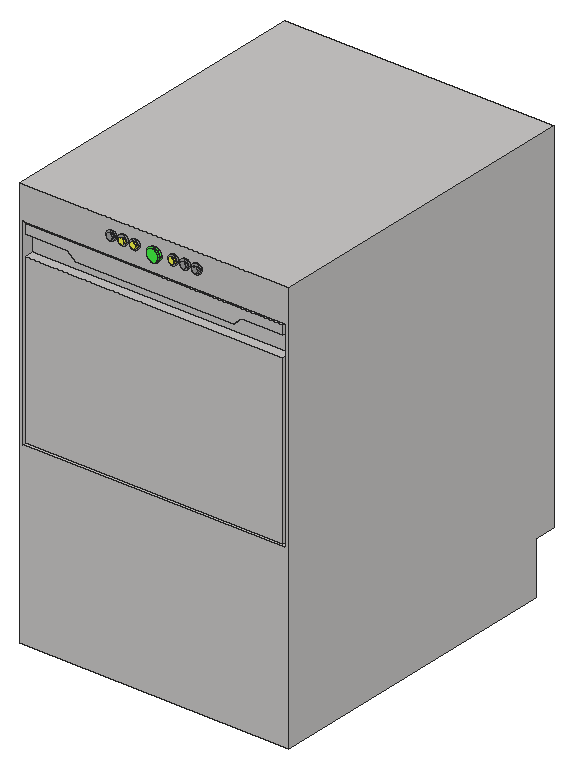
Revit family "QF_ELECTROLUXPROFESSIONAL_402230_ESDIAG", category Specialty Equipment, Revit 2018
Family settings
  Round Connector Dimension = Use Diameter
  Part Type = Normal
  Work Plane-Based = No
  Always vertical = Yes
  Cut with Voids When Loaded = No
  Shared = No
  Room Calculation Point = No
Parameters
  Weight = 37.00 kg
  Watts = 0 W
  Volts = 0 V
  URL Manufacturer = ""
  URL = "http://professional.electrolux.com/"
  Steam Supply Size = 0 mm
  Steam Supply Minimum Pressure = 0.0 Pa
  Steam Supply Maximum Pressure = 0.0 Pa
  Steam Pounds per Hour = 0
  Show Logo [instance] = yes
  Show Clearance [instance] = yes
  Refrigeration Suction Line Size = 0 mm
  Refrigeration Liquid Line Size = 0 mm
  Refrigerant Compressor Remote = yes
  Manufacturer = ""
  Phase = 0
  Model = ""
  Length Actual = 460 mm  # constant formula
  Item Number = ""
  Hot Water Size = 0 mm
  Height Actual = 715 mm  # constant formula
  HP = "4.4 HP"
  Gas Size = 0 mm
  Gas KW = 0
  Gas Input Pressure = 0 W
  Direct Waste Size = 27 mm
  Description = ""
  Depth Actual = 565 mm  # constant formula
  Cycle = 0 Hz
  Condensate Return Size = 0 mm
  Compressed Air Volume = 0.0 L/s
  Compressed Air Size = 0 mm
  Compressed Air Pressure = 0.0 Pa
  Cold Water Size = 0 mm
  Accessory = yes
Types (2, lengths in mm): name | Volts | URL Manufacturer | URL | Manufacturer | Phase | Model | Item Number | Description | Cycle | Cold Water Size
  (no name) | 0 V | "" | "http://professional.electrolux.com/" | "" | 0 | "" | "" | "" | 0 Hz | 0
  Standard | 220 V | "http://professional.electrolux.com" | "http://professional.electrolux.com" | "Electrolux Professional" | 1 | "ESDIAG" | "402230" | "GLASSWASHER(S), INS. DOUBLE SKIN, WASH-SAFE, DP, DD, 30B/H" | 50 Hz | 19.05
Reference planes
  plane 1 "Center (Front/Back)": y = 0
  plane 2: z = 0
  plane 3 "Center (Left/Right)": x = 0
  plane 4 "LEFT": x = -230
  plane 5 "RIGHT": x = 230
  plane 6 "FRONT": y = -282.5
  plane 7 "BACK": y = 282.5
  plane 8: x = -202.5
  plane 9: x = 202.5
  plane 10: z = 715
  plane 11: z = 10
Forms (mm)
  Extrusion 1, solid, material "QF_Finishes_Stainless Steel"
    sketch origin (0, 0, 0) x (1, 0, 0) y (0, 1, 0)
      loop
        line (-230, -282.5) -> (230, -282.5) -> (230, 243.5) -> (-230, 243.5) -> (-230, -282.5)
    from 10 to 715
  Extrusion 2, solid, material "QF_Finishes_Stainless Steel"
    sketch origin (0, 0, 0) x (1, 0, 0) y (0, 1, 0)
      loop
        line (-230, 243.5) -> (230, 243.5) -> (230, 282.5) -> (-230, 282.5) -> (-230, 243.5)
    from 100 to 715
  Extrusion 3, solid, material "QF_Finishes_Stainless Steel"
    sketch origin (0, 0, 0) x (1, 0, 0) y (0, 1, 0)
      loop
        circle (-202.5, 184.5) r 12.5
      loop
        circle (202.5, 184.5) r 12.5
      loop
        circle (-202.5, -235.5) r 12.5
      loop
        circle (202.5, -235.5) r 12.5
    from 0 to 10
  Extrusion 4, void
    sketch origin (-230, -282.5, 0) x (-1, 0, 0) y (0, 0, 1)
      loop
        line (-5, 658.217) -> (-455, 658.217) -> (-455, 315) -> (-5, 315) -> (-5, 658.217)
    from 0 to 30
  Extrusion 5, solid, material "QF_Finishes_Stainless Steel"
    sketch origin (-53, -392, 738) x (0, 0, -1) y (1, 0, 0)
      loop
        circle (693, 213) r 10
    from -635.5 to -674.5
  Extrusion 6, solid, material "QF_Door-Drawer Clearances", visible <- "Show Clearance", detail levels coarse
    sketch origin (-230, -282.5, 0) x (0, 1, 0) y (0, 0, -1)
      loop
        line (0, -315) -> (-315, -315)
        arc (-315, -315) -> (-223.2, -545.869) -> (0, -655) r 344.605
        line (0, -655) -> (0, -315)
    from -10 to -450
  Extrusion 7, solid, material "QF_Finishes_Stainless Steel"
    sketch origin (-242.481, -392, 738) x (0, 0, -1) y (1, 0, 0)
      loop
        circle (663, 322.481) r 8
    from -635.5 to -674.5
  Extrusion 8, solid, material "QF_Finishes_Green"
    sketch origin (234, -282.5, -28.75) x (-1, 0, 0) y (0, 0, -1)
      loop
        circle (234, -714.569) r 10
    from 0 to 5
  Extrusion 9, solid, material "QF_Finishes_Gray"
    sketch origin (234, -282.5, -24.375) x (-1, 0, 0) y (0, 0, -1)
      loop
        circle (306.936, -713.972) r 5
    from 0 to 5
  Extrusion 10, solid, material "QF_Finishes_Stainless Steel"
    sketch origin (-230, -282.5, 0) x (0, 1, 0) y (0, 0, -1)
      loop
        line (0, -319.622) -> (0, -605) -> (15, -605) -> (15, -655) -> (25, -655) -> (25, -319.622) -> (0, -319.622)
    from -10 to -450
  Extrusion 11, solid, material "QF_Finishes_Stainless Steel"
    sketch origin (-230, -282.5, 0) x (0, 1, 0) y (0, 0, -1)
      loop
        line (15, -655) -> (15, -652.514) -> (2.5, -652.514) -> (2.5, -626.25) -> (0, -626.25) -> (0, -655) -> (15, -655)
    from -10 to -450
  Extrusion 12, void
    sketch origin (-230, -282.5, 655) x (0, 0, 1) y (1, 0, 0)
      loop
        line (-15.552, 10) -> (-15.552, 81.607) -> (-28.75, 94.804) -> (-28.75, 10) -> (-15.552, 10)
      loop
        line (-15.552, 450) -> (-28.75, 450) -> (-28.75, 365.196) -> (-15.552, 378.393) -> (-15.552, 450)
    from 0 to 2.5
  Extrusion 13, solid, material "QF_Finishes_Stainless Steel"
    sketch origin (-328, -392, 738) x (0, 0, -1) y (1, 0, 0)
      loop
        circle (663, 228) r 8
    from -635.5 to -674.5
  Extrusion 14, solid, material "QF_Finishes_Green"
    sketch origin (-230, -282.5, 0) x (1, 0, 0) y (0, 0, 1)
      loop
        circle (230, 685.819) r 12
      loop
        circle (230, 685.819) r 10
    from 0 to 2.5
  Extrusion 15, solid, material "QF_Finishes_Gray"
    sketch origin (-210, -282.5, -28.75) x (1, 0, 0) y (0, 0, 1)
      loop
        circle (262.936, 718.347) r 8
      loop
        circle (262.936, 718.347) r 5
      loop
        circle (242.936, 718.347) r 8
      loop
        circle (242.936, 718.347) r 5
      loop
        circle (282.936, 718.347) r 8
      loop
        circle (282.936, 718.347) r 5
    from 0 to 2.5
  Extrusion 16, solid, material "QF_Finishes_Gray"
    sketch origin (-234, -282.5, -24.375) x (1, 0, 0) y (0, 0, 1)
      loop
        circle (286.936, 713.972) r 5
      loop
        circle (306.936, 713.972) r 5
    from 0 to 5
  Extrusion 17, solid, material "QF_Finishes_Gray"
    sketch origin (210, -282.5, -28.75) x (-1, 0, 0) y (0, 0, -1)
      loop
        circle (262.936, -718.347) r 8
      loop
        circle (262.936, -718.347) r 5
      loop
        circle (242.936, -718.347) r 8
      loop
        circle (242.936, -718.347) r 5
      loop
        circle (282.936, -718.347) r 8
      loop
        circle (282.936, -718.347) r 5
    from 0 to 2.5
  Extrusion 18, solid, material "QF_Finishes_Yellow"
    sketch origin (254, -282.5, -24.375) x (-1, 0, 0) y (0, 0, -1)
      loop
        circle (306.936, -713.972) r 5
    from 0 to 5
  Extrusion 19, solid, material "QF_Finishes_Yellow"
    sketch origin (274, -282.5, -24.375) x (-1, 0, 0) y (0, 0, -1)
      loop
        circle (306.936, -713.972) r 5
    from 0 to 5
  Extrusion 20, solid, material "QF_Finishes_Yellow"
    sketch origin (339.871, -282.5, -24.375) x (-1, 0, 0) y (0, 0, -1)
      loop
        circle (306.936, -713.972) r 5
    from 0 to 5
Cuts and joins
  Extrusion 4 cuts Extrusion 1
  joined: Extrusion 1, Extrusion 2
  Extrusion 12 cuts Extrusion 10
  Extrusion 12 cuts Extrusion 11
Lines and regions (mm)
  Split face 1
    outline origin (-230, -282.5, 715) x (0, 0, -1) y (1, 0, 0)
      loop
        line (35, 0) -> (35, 60) -> (49.142, 74.142) -> (49.142, 214.142) -> (11.456, 214.142)
        arc (11.456, 214.142) -> (9.82, 214.82) -> (9.142, 216.456) r 2.314
        line (9.142, 216.456) -> (9.142, 230) -> (9.142, 243.544)
        arc (9.142, 243.544) -> (9.82, 245.18) -> (11.456, 245.858) r 2.314
        line (11.456, 245.858) -> (49.142, 245.858) -> (49.142, 385.858) -> (35, 400) -> (35, 460)
      loop
        line (56.783, 5) -> (56.783, 0)
      loop
        line (56.783, 455) -> (56.783, 460)
  symbolic lines
    curve 1: line (-230, 282.5, 0) -> (230, 282.5, 0)
    curve 2: line (-230, -282.5, 0) -> (-230, 282.5, 0)
    curve 3: line (230, -282.5, 0) -> (-230, -282.5, 0)
    curve 4: line (230, 282.5, 0) -> (230, -282.5, 0)
    curve 9: line (-80.94, -285, 0) -> (-80.94, -282.5, 0)
    curve 10: line (-64.948, -285, 0) -> (-64.948, -282.5, 0)
    curve 11: line (-77.926, -287.5, 0) -> (-67.936, -287.5, 0)
    curve 12: line (-67.936, -287.5, 0) -> (-67.936, -285, 0)
    curve 13: line (-77.926, -287.5, 0) -> (-77.926, -285, 0)
    curve 14: line (-60.936, -285, 0) -> (-44.936, -285, 0)
    curve 15: line (-44.936, -285, 0) -> (-44.936, -282.5, 0)
    curve 16: line (-60.936, -285, 0) -> (-60.936, -282.5, 0)
    curve 17: line (-57.936, -287.5, 0) -> (-47.936, -287.5, 0)
    curve 18: line (-47.936, -287.5, 0) -> (-47.936, -285, 0)
    curve 19: line (-57.936, -287.5, 0) -> (-57.936, -285, 0)
    curve 20: line (-40.936, -285, 0) -> (-24.936, -285, 0)
    curve 21: line (-24.936, -285, 0) -> (-24.936, -282.5, 0)
    curve 22: line (-40.936, -285, 0) -> (-40.936, -282.5, 0)
    curve 23: line (-37.936, -287.5, 0) -> (-27.936, -287.5, 0)
    curve 24: line (-27.936, -287.5, 0) -> (-27.936, -285, 0)
    curve 25: line (-37.936, -287.5, 0) -> (-37.936, -285, 0)
    curve 26: line (24.936, -285, 0) -> (40.936, -285, 0)
    curve 27: line (40.936, -285, 0) -> (40.936, -282.5, 0)
    curve 28: line (27.936, -287.5, 0) -> (37.936, -287.5, 0)
    curve 29: line (37.936, -287.5, 0) -> (37.936, -285, 0)
    curve 30: line (27.936, -287.5, 0) -> (27.936, -285, 0)
    curve 31: line (24.936, -285, 0) -> (24.936, -282.5, 0)
    curve 32: line (-12, -285, 0) -> (12, -285, 0)
    curve 33: line (12, -285, 0) -> (12, -282.5, 0)
    curve 34: line (-12, -285, 0) -> (-12, -282.5, 0)
    curve 35: line (-10, -287.5, 0) -> (10, -287.5, 0)
    curve 36: line (10, -287.5, 0) -> (10, -285, 0)
    curve 37: line (-10, -287.5, 0) -> (-10, -285, 0)
    curve 39: line (44.936, -285, 0) -> (60.936, -285, 0)
    curve 40: line (60.936, -285, 0) -> (60.936, -282.5, 0)
    curve 41: line (47.936, -287.5, 0) -> (57.936, -287.5, 0)
    curve 42: line (57.936, -287.5, 0) -> (57.936, -285, 0)
    curve 43: line (47.936, -287.5, 0) -> (47.936, -285, 0)
    curve 44: line (44.936, -285, 0) -> (44.936, -282.5, 0)
    curve 45: line (64.936, -285, 0) -> (80.936, -285, 0)
    curve 46: line (80.936, -285, 0) -> (80.936, -282.5, 0)
    curve 47: line (67.936, -287.5, 0) -> (77.936, -287.5, 0)
    curve 48: line (77.936, -287.5, 0) -> (77.936, -285, 0)
    curve 49: line (67.936, -287.5, 0) -> (67.936, -285, 0)
    curve 50: line (64.936, -285, 0) -> (64.936, -282.5, 0)
  symbolic lines, style "QF_Door-Drawer Clearances"
    curve 5: line (-220, -597.5, 0) -> (220, -597.5, 0)
    curve 6: line (220, -597.5, 0) -> (220, -282.5, 0)
    curve 7: line (-220, -597.5, 0) -> (-220, -282.5, 0)
  symbolic lines, style "SpecialityEquipment"
    curve 8: line (-80.94, -285, 0) -> (-64.948, -285, 0)
  symbolic lines, style "SpecialityEquipmentHiddenLines"
    curve 38: line (-230, 243.5, 0) -> (230, 243.5, 0)
Dimensions and locks
  equal spacing: plane 4 "LEFT", plane 3 "Center (Left/Right)", plane 5 "RIGHT"
  equal spacing: plane 7 "BACK", plane 1 "Center (Front/Back)", plane 6 "FRONT"
  plane 7 "BACK" to plane 6 "FRONT" = 565 mm
  plane 4 "LEFT" to plane 5 "RIGHT" = 460 mm
  plane 4 "LEFT" to plane 8 = 27.5 mm
  plane 9 to plane 5 "RIGHT" = 27.5 mm
  locked: plane 11 to level at 10
  plane 4 "LEFT" to plane 3 "Center (Left/Right)" = 230 mm
  plane 10 to level = 715 mm  (x2)
  plane 8 to plane 9 = 405 mm
  level to Extrusion 13 sketch curve = 75 mm
  Extrusion 13 sketch curve to plane 4 "LEFT" = 130 mm
  level to Extrusion 5 sketch curve = 45 mm
  Extrusion 5 sketch curve to plane 4 "LEFT" = 390 mm
  Extrusion 7 sketch curve to plane 4 "LEFT" = 310 mm
  level to Extrusion 7 sketch curve = 75 mm
  locked: Extrusion 3 to cut or joined group of Extrusion 1, Extrusion 2, Extrusion 4 at 98
  Extrusion 3 to Extrusion 3 = 420 mm
  locked: plane 6 "FRONT" to Extrusion 3 at 47
  plane 9 to plane 8 = 405 mm
  plane 7 "BACK" to curve 5 = 880 mm
  cut or joined group of Extrusion 10, Extrusion 12 to cut or joined group of Extrusion 1, Extrusion 2, Extrusion 4 = 290 mm
  aligned and locked: level to plane 2
  aligned and locked: Extrusion 1 sketch curve to plane 6 "FRONT"
  aligned and locked: Extrusion 1 sketch curve to plane 4 "LEFT"
  aligned and locked: plane 5 "RIGHT" to Extrusion 1 sketch curve
  aligned and locked: Extrusion 1 to plane 11
  aligned and locked: Extrusion 2 sketch curve to Extrusion 1  (x2)
  aligned and locked: plane 7 "BACK" to Extrusion 2 sketch curve
  aligned and locked: plane 5 "RIGHT" to Extrusion 2 sketch curve
  aligned and locked: plane 11 to Extrusion 3
  aligned and locked: Extrusion 2 to Extrusion 5
  aligned and locked: Extrusion 2 to Extrusion 7
  aligned and locked: plane 7 "BACK" to Extrusion 7
  aligned and locked: plane 7 "BACK" to Extrusion 5
  aligned and locked: cut or joined group of Extrusion 11, Extrusion 12 to Extrusion 12
  aligned and locked: plane 10 to Extrusion 2
Automatic sketch dimensions
  curve 1 to plane 4 "LEFT" = 0 mm
  curve 7 to plane 6 "FRONT" = 0 mm
  curve 4 to plane 5 "RIGHT" = 0 mm
  curve 2 to plane 7 "BACK" = 0 mm
  plane 4 "LEFT" to curve 5 = 10 mm
  curve 8 to plane 6 "FRONT" = 2.5 mm
  curve 8 to plane 3 "Center (Left/Right)" = 80.94 mm
  curve 8 to curve 11 = 3.013 mm
  curve 11 to curve 11 = 9.991 mm
  curve 12 to curve 10 = 2.987 mm
  curve 8 to curve 16 = 4.013 mm
  curve 14 to curve 19 = 3 mm
  curve 17 to plane 6 "FRONT" = 5 mm
  curve 17 to curve 17 = 10 mm
  curve 18 to curve 14 = 3 mm
  curve 14 to curve 20 = 4 mm
  curve 20 to curve 25 = 3 mm
  curve 24 to plane 6 "FRONT" = 5 mm
  curve 23 to curve 24 = 10 mm
  curve 24 to curve 21 = 3 mm
  curve 34 to plane 6 "FRONT" = 2.5 mm
  curve 34 to plane 3 "Center (Left/Right)" = 12 mm
  curve 32 to curve 37 = 2 mm
  plane 3 "Center (Left/Right)" to curve 36 = 10 mm
  curve 36 to curve 33 = 2 mm
  curve 26 to plane 6 "FRONT" = 2.5 mm
  curve 32 to curve 26 = 12.936 mm
  curve 26 to curve 30 = 3 mm
  curve 28 to plane 6 "FRONT" = 5 mm
  curve 28 to curve 28 = 10 mm
  curve 29 to curve 27 = 3 mm
  curve 26 to curve 44 = 4 mm
  curve 39 to curve 43 = 3 mm
  curve 41 to plane 6 "FRONT" = 5 mm
  curve 41 to curve 41 = 10 mm
  curve 42 to curve 39 = 3 mm
  curve 39 to curve 50 = 4 mm
  curve 45 to curve 47 = 3 mm
  curve 47 to plane 6 "FRONT" = 5 mm
  curve 47 to curve 47 = 10 mm
  curve 48 to curve 45 = 3 mm
  curve 6 to plane 5 "RIGHT" = 10 mm
  curve 35 to curve 36 = 2.5 mm
  curve 11 to curve 13 = 2.5 mm
  curve 15 to plane 6 "FRONT" = 2.5 mm
  curve 20 to plane 6 "FRONT" = 2.5 mm
  curve 40 to plane 6 "FRONT" = 2.5 mm
  curve 45 to plane 6 "FRONT" = 2.5 mm
  curve 38 to plane 7 "BACK" = 39 mm
  Extrusion 1 sketch curve to plane 7 "BACK" = 39 mm
  Extrusion 3 sketch curve to plane 8 = 0 mm  (x2)
  Extrusion 3 sketch curve to plane 9 = 0 mm  (x2)
  plane 6 "FRONT" to Extrusion 3 sketch curve = 47 mm  (x2)
  Extrusion 3 sketch curve to plane 7 "BACK" = 98 mm  (x2)
  Extrusion 4 sketch curve to Extrusion 1 = 5 mm  (x2)
  Extrusion 4 sketch curve to Extrusion 1 = 305 mm
  Extrusion 4 sketch curve to Extrusion 1 = 56.783 mm
  Extrusion 6 sketch curve to plane 6 "FRONT" = 0 mm
  Extrusion 6 sketch curve to plane 6 "FRONT" = 315 mm
  plane 6 "FRONT" to Extrusion 6 sketch curve = 29.589 mm
  Extrusion 6 sketch curve to plane 10 = 60 mm
  plane 11 to Extrusion 6 sketch curve = 305 mm
  Extrusion 8 sketch curve to Extrusion 8 sketch curve = 0 mm  (x2)
  Extrusion 8 sketch curve to plane 3 "Center (Left/Right)" = 0 mm
  Extrusion 8 sketch curve to plane 10 = 29.181 mm
  plane 3 "Center (Left/Right)" to Extrusion 8 sketch curve = 10 mm
  Extrusion 9 sketch curve to Extrusion 9 sketch curve = 0 mm  (x2)
  Extrusion 9 sketch curve to plane 10 = 25.403 mm
  Extrusion 9 sketch curve to plane 3 "Center (Left/Right)" = 72.936 mm
  Extrusion 9 sketch curve to Extrusion 9 sketch curve = 5 mm
  Extrusion 10 sketch curve to plane 6 "FRONT" = 0 mm
  plane 6 "FRONT" to Extrusion 10 sketch curve = 15 mm
  Extrusion 10 sketch curve to Extrusion 10 sketch curve = 25 mm
  Extrusion 10 sketch curve to plane 10 = 60 mm
  Extrusion 10 sketch curve to Extrusion 10 sketch curve = 50 mm
  Extrusion 10 sketch curve to Extrusion 10 sketch curve = 285.378 mm
  Extrusion 11 sketch curve to plane 6 "FRONT" = 0 mm
  Extrusion 11 sketch curve to Extrusion 11 sketch curve = 2.5 mm
  Extrusion 11 sketch curve to Extrusion 11 sketch curve = 12.5 mm
  Extrusion 11 sketch curve to plane 10 = 60 mm
  Extrusion 11 sketch curve to Extrusion 11 sketch curve = 2.486 mm
  Extrusion 11 sketch curve to Extrusion 11 sketch curve = 26.264 mm
  Extrusion 12 sketch curve to Extrusion 11 = 0 mm  (x3)
  Extrusion 11 to Extrusion 12 sketch curve = 0 mm
  Extrusion 12 sketch curve to Extrusion 11 = 13.198 mm  (x2)
  Extrusion 12 sketch curve to Extrusion 11 = 71.607 mm
  Extrusion 12 sketch curve to Extrusion 12 sketch curve = 13.198 mm  (x2)
  Extrusion 12 sketch curve to Extrusion 11 = 84.804 mm
  Extrusion 14 sketch curve to Extrusion 14 sketch curve = 0 mm  (x2)
  Extrusion 1 to Extrusion 14 sketch curve = 29.181 mm
  Extrusion 1 to Extrusion 14 sketch curve = 230 mm
  Extrusion 15 sketch curve to Extrusion 15 sketch curve = 0 mm  (x8)
  plane 3 "Center (Left/Right)" to Extrusion 15 sketch curve = 32.936 mm
  Extrusion 15 sketch curve to Extrusion 15 sketch curve = 20 mm  (x2)
  Extrusion 15 sketch curve to plane 10 = 25.403 mm
  Extrusion 16 sketch curve to Extrusion 16 sketch curve = 0 mm  (x5)
  Extrusion 16 sketch curve to plane 10 = 25.403 mm
  plane 3 "Center (Left/Right)" to Extrusion 16 sketch curve = 52.936 mm
  Extrusion 16 sketch curve to Extrusion 16 sketch curve = 20 mm
  Extrusion 16 sketch curve to Extrusion 16 sketch curve = 5 mm  (x2)
  Split face 1 sketch curve to cut or joined group of Extrusion 1, Extrusion 2, Extrusion 4 = 0 mm  (x6)
  cut or joined group of Extrusion 1, Extrusion 2, Extrusion 4 to Split face 1 sketch curve = 0 mm  (x2)
  cut or joined group of Extrusion 1, Extrusion 2, Extrusion 4 to Split face 1 sketch curve = 7.641 mm  (x2)
  Split face 1 sketch curve to Split face 1 sketch curve = 14.142 mm  (x4)
  Split face 1 sketch curve to cut or joined group of Extrusion 1, Extrusion 2, Extrusion 4 = 11.456 mm  (x2)
  Split face 1 sketch curve to cut or joined group of Extrusion 1, Extrusion 2, Extrusion 4 = 9.142 mm
  Split face 1 sketch curve to cut or joined group of Extrusion 1, Extrusion 2, Extrusion 4 = 55 mm
  Split face 1 sketch curve to Split face 1 sketch curve = 140 mm
  Split face 1 sketch curve to Split face 1 sketch curve = 13.544 mm  (x2)
  Split face 1 sketch curve to cut or joined group of Extrusion 1, Extrusion 2, Extrusion 4 = 69.142 mm
  Extrusion 17 sketch curve to Extrusion 17 sketch curve = 0 mm  (x8)
  Extrusion 17 sketch curve to plane 3 "Center (Left/Right)" = 32.936 mm
  Extrusion 17 sketch curve to Extrusion 17 sketch curve = 20 mm  (x2)
  Extrusion 17 sketch curve to plane 10 = 25.403 mm
  Extrusion 18 sketch curve to Extrusion 18 sketch curve = 0 mm  (x2)
  Extrusion 18 sketch curve to plane 10 = 25.403 mm
  Extrusion 18 sketch curve to plane 3 "Center (Left/Right)" = 52.936 mm
  Extrusion 18 sketch curve to Extrusion 18 sketch curve = 5 mm
  Extrusion 19 sketch curve to Extrusion 19 sketch curve = 0 mm  (x2)
  Extrusion 19 sketch curve to plane 3 "Center (Left/Right)" = 32.936 mm
  Extrusion 19 sketch curve to plane 10 = 25.403 mm
  Extrusion 19 sketch curve to Extrusion 19 sketch curve = 5 mm
  Extrusion 20 sketch curve to Extrusion 20 sketch curve = 0 mm  (x2)
  plane 3 "Center (Left/Right)" to Extrusion 20 sketch curve = 32.936 mm
  Extrusion 20 sketch curve to plane 10 = 25.403 mm
  Extrusion 20 sketch curve to Extrusion 20 sketch curve = 5 mm
  radius of Extrusion 5 sketch curve = 10 mm
  radius of Extrusion 7 sketch curve = 8 mm
  radius of Extrusion 13 sketch curve = 8 mm
  radius of Extrusion 3 sketch curve = 12.5 mm  (x4)
  radius of Extrusion 14 sketch curve = 12 mm
  radius of Extrusion 14 sketch curve = 10 mm
  radius of Extrusion 15 sketch curve = 8 mm  (x3)
  radius of Extrusion 15 sketch curve = 5 mm  (x3)
  radius of Extrusion 17 sketch curve = 8 mm  (x3)
  radius of Extrusion 17 sketch curve = 5 mm  (x3)
Connectors
  piping at (160, 282.5, 45), diameter 20
    settings: on Extrusion 5, index 1, connector inside diameter 609.6 mm, connector length 0 mm, flow factor 0, pipe flow 0.0 L/s, pressure drop 0.0 Pa, fitting loss kfactor 0, connector angle 0.00°, fixture units 0, engagement length 0 mm, angle of deflection 0.00°, flow configuration 1, flow direction 1, fitting loss method 0, system type 16, joint type 0, gender type 0, connector reference index -1, connector utility 0, adjustable connector no, is connector primary yes, connector description "Drain"
  piping at (80, 282.5, 75), driven by "Cold Water Size"
    settings: on Extrusion 7, index 3, connector diameter 0 mm, connector inside diameter 609.6 mm, connector length 0 mm, flow factor 0, pipe flow 0.0 L/s, pressure drop 0.0 Pa, fitting loss kfactor 0, connector angle 0.00°, fixture units 0, engagement length 0 mm, angle of deflection 0.00°, flow configuration 1, flow direction 1, fitting loss method 0, system type 20, joint type 0, gender type 0, connector reference index -1, connector utility 0, adjustable connector no, is connector primary no, connector description "Cold Water Inlet"
  electrical at (-100, 282.5, 75), driven by "Volts"
    settings: on Extrusion 13, index 4, voltage 0 V, apparent load 0 VA, apparent load phase1 0 VA, apparent load phase2 0 VA, apparent load phase3 0 VA, power factor 1, load classification "Altro", number of poles 1, system type 31, power factor state 1, is connector primary yes, connector utility no, sub classification motor no, connector description "Electrical Connection"
